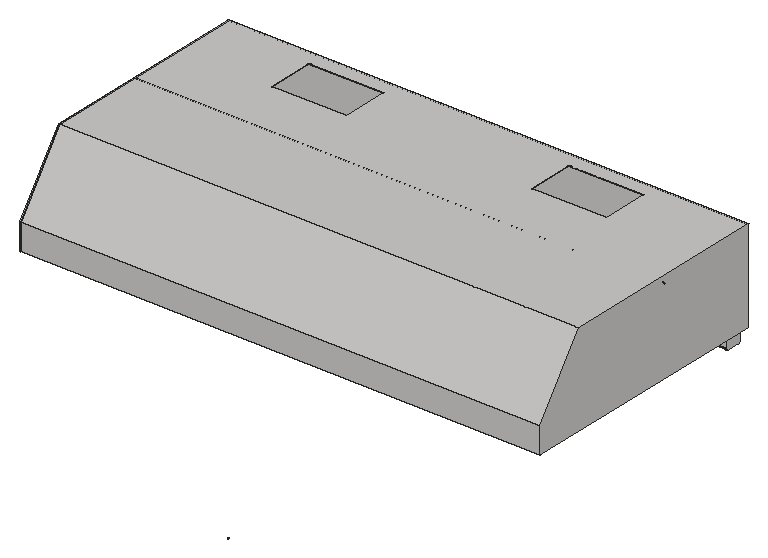
Revit family "QF_ELECTROLUXPROFESSIONAL_642161_BP1428BT", category Specialty Equipment, Revit 2014
Reference planes
  plane 1: z = 0
  plane 2 "Center (Left/Right)": x = 150
  plane 3 "LEFT": x = -1250
  plane 4 "RIGHT": x = 1550
  plane 5 "BACK": y = 550
  plane 6 "TOP": z = 2500
  plane 7 "Base": z = 2000
  plane 8: z = 1926
  plane 9 "DrainY": y = 485
  plane 10: x = -1247
  plane 11: through (0, 414.509, 2000.8) normal (0, 0.7314, 0.682)
  plane 12: y = 470
  plane 13: y = 220
  plane 14 "DrainX": x = 1432
  plane 15: x = -350
  plane 16: x = 650
  plane 17: x = -750
  plane 18: x = 1050
  plane 19: x = 1547
  plane 20: x = 1342
  plane 21: x = 1522
  plane 22: x = -1210
  plane 23: x = -410
  plane 24: x = -10
  plane 25: x = 1510
  plane 26: x = 710
  plane 27: x = 310
  plane 28: z = 2140
  plane 29: y = -590
  plane 30 "Center (Front/Back)": y = -150
  plane 31 "Front": y = -850
Forms (mm)
  Extrusion 1, solid, material "QF_Finishes_Stainless Steel"
    sketch origin (-1250, 0, 360) x (0, 1, 0) y (0, 0, 1)
      loop
        line (550, 1640) -> (550, 2140) -> (-590, 2140) -> (-850, 1780) -> (-850, 1640) -> (550, 1640)
    from 0 to 3
  Extrusion 2, solid, material "QF_Finishes_Stainless Steel"
    sketch origin (150, 0, 360) x (0, 1, 0) y (0, 0, 1)
      loop
        line (415.255, 1640) -> (550, 1640) -> (550, 2139.19) -> (549.2, 2139.19) -> (549.2, 1640.8) -> (415.876, 1640.8) -> (339.347, 1722.867) -> (349.609, 1732.436) -> (348.927, 1733.167) -> (337.934, 1722.917) -> (415.255, 1640)
      loop
        line (-82.203, 2139.19) -> (-82.203, 2118.6) -> (-31.047, 2118.6) -> (34.354, 2048.466) -> (46.028, 2059.352) -> (45.346, 2060.083) -> (34.403, 2049.879) -> (-30.612, 2119.6) -> (-81.203, 2119.6) -> (-81.203, 2139.19) -> (-82.203, 2139.19)
    from -1397 to 1397
  Extrusion 3, solid, material "QF_Finishes_Stainless Steel"
    sketch origin (1550, 0, 360) x (0, 1, 0) y (0, 0, 1)
      loop
        line (550, 1640) -> (550, 2140) -> (-590, 2140) -> (-850, 1780) -> (-850, 1640) -> (550, 1640)
    from 0 to -3
  Extrusion 4, solid, material "QF_Finishes_Stainless Steel"
    sketch origin (150, 0, 360) x (0, 1, 0) y (0, 0, 1)
      loop
        line (550, 2139.19) -> (550, 2140) -> (-590, 2140) -> (-850, 1780) -> (-850, 1640) -> (-849.2, 1640) -> (-849.2, 1779.741) -> (-589.598, 2139.19) -> (550, 2139.19)
    from -1400 to 1400
  Extrusion 5, solid, material "QF_Finishes_Stainless Steel"
    sketch origin (150, 0, 360) x (0, 1, 0) y (0, 0, 1)
      loop
        line (534, 1640) -> (436, 1640) -> (436, 1627) -> (443.5, 1627) -> (443.5, 1576)
        arc (443.5, 1576) -> (446.429, 1568.929) -> (453.5, 1566) r 10
        line (453.5, 1566) -> (516.5, 1566)
        arc (516.5, 1566) -> (523.571, 1568.929) -> (526.5, 1576) r 10
        line (526.5, 1576) -> (526.5, 1627) -> (534, 1627) -> (534, 1640)
    from 1192 to 1372
  Extrusion 6, solid, material "QF_Finishes_Stainless Steel"
    sketch origin (0, 0, 2000) x (0, 1, 0) y (-1, 0, 0)
      loop
        circle (485, -1432) r 20
    from -76 to -74
  Extrusion 7, solid, material "QF_Finished_Chrome"
    sketch origin (150, 0, 360) x (0, 1, 0) y (0, 0, 1)
      loop
        line (337.934, 1722.917) -> (341.591, 1726.327) -> (38.011, 2051.876) -> (34.354, 2048.466) -> (337.934, 1722.917)
    from -560 to -1360
  Extrusion 8, solid, material "QF_Finished_Chrome"
    sketch origin (150, 0, 360) x (0, 1, 0) y (0, 0, 1)
      loop
        line (337.934, 1722.917) -> (341.591, 1726.327) -> (38.011, 2051.876) -> (34.354, 2048.466) -> (337.934, 1722.917)
    from 160 to -160
  Extrusion 9, solid, material "QF_Finishes_Stainless Steel"
    sketch origin (150, 0, 360) x (0, 1, 0) y (0, 0, 1)
      loop
        line (337.934, 1722.917) -> (341.591, 1726.327) -> (38.011, 2051.876) -> (34.354, 2048.466) -> (337.934, 1722.917)
    from 1397 to 1360
  Extrusion 10, solid, material "QF_Finishes_Stainless Steel"
    sketch origin (150, 0, 360) x (0, 1, 0) y (0, 0, 1)
      loop
        line (341.588, 1726.324) -> (38.009, 2051.874) -> (34.354, 2048.466) -> (337.934, 1722.917) -> (341.588, 1726.324)
    from -560 to -160
  Extrusion 11, solid, material "QF_Finished_Chrome"
    sketch origin (150, 0, 360) x (0, 1, 0) y (0, 0, 1)
      loop
        line (341.588, 1726.324) -> (38.009, 2051.874) -> (34.354, 2048.466) -> (337.934, 1722.917) -> (341.588, 1726.324)
    from 560 to 1360
  Extrusion 12, void
    sketch origin (0, 0, 2500) x (0, 1, 0) y (-1, 0, 0)
      loop
        line (470, 750) -> (220, 750) -> (220, 350) -> (470, 350) -> (470, 750)
    from 0 to -10
  Extrusion 13, void
    sketch origin (940, 0, 2500) x (0, 1, 0) y (-1, 0, 0)
      loop
        line (470, 290) -> (220, 290) -> (220, -110) -> (470, -110) -> (470, 290)
    from 0 to -10
  Extrusion 14, solid, material "QF_Finishes_Stainless Steel"
    sketch origin (0, 0, 0) x (1, 0, 0) y (0, 1, 0)
      loop
        line (-1250, 550) -> (-1250, 549) -> (-1249, 549) -> (-1249, 550) -> (-1250, 550)
    from 0 to 1
  Extrusion 15, solid, material "QF_Finishes_Stainless Steel"
    sketch origin (150, 0, 360) x (0, 1, 0) y (0, 0, 1)
      loop
        line (337.934, 1722.917) -> (341.591, 1726.327) -> (38.011, 2051.876) -> (34.354, 2048.466) -> (337.934, 1722.917)
    from -1360 to -1397
  Extrusion 16, solid, material "QF_Finishes_Stainless Steel"
    sketch origin (150, 0, 360) x (0, 1, 0) y (0, 0, -1)
      loop
        line (341.588, -1726.324) -> (337.934, -1722.917) -> (34.354, -2048.466) -> (38.009, -2051.874) -> (341.588, -1726.324)
    from -560 to -160
Cuts and joins
  Extrusion 12, Extrusion 13 cuts Extrusion 4
  joined: Extrusion 2, Extrusion 4
Lines and regions (mm)
  symbolic lines, style "SpecialityEquipment", detail levels coarse
    curve 1: line (1550, 550, 2500) -> (-1250, 550, 2500)
    curve 2: line (-1250, 550, 2500) -> (-1250, -850, 2500)
    curve 3: line (1550, -850, 2500) -> (1550, 550, 2500)
    curve 4: line (-750, 220, 2500) -> (-350, 220, 2500)
    curve 5: line (-750, 470, 2500) -> (-750, 220, 2500)
    curve 6: line (-350, 470, 2500) -> (-750, 470, 2500)
    curve 7: line (-350, 220, 2500) -> (-350, 470, 2500)
    curve 8: line (650, 470, 2500) -> (650, 220, 2500)
    curve 9: line (650, 220, 2500) -> (1050, 220, 2500)
    curve 10: line (1050, 470, 2500) -> (650, 470, 2500)
    curve 11: line (1050, 220, 2500) -> (1050, 470, 2500)
    curve 12: line (-1250, -590, 0) -> (1550, -590, 0)
    curve 13: line (-1250, 550, 0) -> (1550, -590, 0)
    curve 14: line (1550, 550, 0) -> (-1250, -590, 0)
  symbolic lines, detail levels coarse
    curve 15: line (-1250, -850, 2500) -> (1550, -850, 2500)
Dimensions and locks
  plane 3 "LEFT" to plane 4 "RIGHT" = 2800 mm
  equal spacing: plane 3 "LEFT", plane 2 "Center (Left/Right)", plane 4 "RIGHT"
  locked: plane 6 "TOP" to plane 7 "Base" at 500
  plane 7 "Base" to plane 8 = 74 mm
  plane 5 "BACK" to plane 9 "DrainY" = 65 mm  (x2)
  plane 3 "LEFT" to plane 10 = 3 mm
  plane 5 "BACK" to plane 12 = 80 mm
  plane 12 to plane 13 = 250 mm  (x2)
  plane 14 "DrainX" to plane 4 "RIGHT" = 118 mm
  locked: plane 15 to plane 16 at 1000
  equal spacing: plane 15, plane 2 "Center (Left/Right)", plane 16
  plane 17 to plane 15 = 400 mm
  plane 16 to plane 18 = 400 mm
  plane 19 to plane 4 "RIGHT" = 3 mm
  locked: plane 20 to plane 14 "DrainX" at 90
  locked: plane 14 "DrainX" to plane 21 at 90
  plane 12 to plane 5 "BACK" = 80 mm
  locked: plane 3 "LEFT" to plane 22 at 40
  locked: plane 25 to plane 4 "RIGHT" at 40
  plane 28 to plane 7 "Base" = 140 mm
  locked: plane 7 "Base" to level at 2000
  plane 5 "BACK" to plane 31 "Front" = 1400 mm  (x2)
  equal spacing: plane 5 "BACK", plane 30 "Center (Front/Back)", plane 31 "Front"
  locked: plane 24 to plane 2 "Center (Left/Right)" at 160
  locked: plane 2 "Center (Left/Right)" to plane 27 at 160
  locked: plane 23 to plane 24 at 400
  locked: plane 27 to plane 26 at 400
  plane 22 to plane 23 = 800 mm
  plane 26 to plane 25 = 800 mm
  aligned and locked: level to plane 1
  aligned and locked: Extrusion 2 to Extrusion 1
  aligned and locked: Extrusion 2 to Extrusion 3
  aligned and locked: plane 4 "RIGHT" to Extrusion 4
  aligned and locked: Extrusion 4 to plane 3 "LEFT"
  aligned and locked: plane 19 to Extrusion 9
  aligned and locked: plane 17 to Extrusion 12
  aligned and locked: Extrusion 12 to plane 15
  aligned and locked: Extrusion 12 to plane 13
  aligned and locked: Extrusion 12 to plane 12
  aligned and locked: Extrusion 13 to plane 18
  aligned and locked: plane 16 to Extrusion 13
  aligned and locked: plane 21 to Extrusion 5
  aligned and locked: Extrusion 5 to plane 20
  aligned and locked: Extrusion 9 to plane 25
  aligned and locked: Extrusion 11 to plane 25
  aligned and locked: Extrusion 11 to plane 26
  aligned and locked: Extrusion 8 to plane 27
  aligned and locked: Extrusion 8 to plane 24
  aligned and locked: plane 24 to Extrusion 10
  aligned and locked: Extrusion 10 to plane 23
  aligned and locked: plane 23 to Extrusion 7
  aligned and locked: Extrusion 7 to plane 22
  aligned and locked: Extrusion 15 to plane 10
  aligned and locked: plane 22 to Extrusion 15
  aligned and locked: Extrusion 16 to plane 27
  aligned and locked: Extrusion 16 to plane 26
  aligned and locked: Extrusion 3 to plane 19
Automatic sketch dimensions
  Extrusion 2 sketch curve to plane 11 = 0 mm  (x3)
  Extrusion 2 sketch curve to plane 7 "Base" = 0 mm
  plane 11 to Extrusion 2 sketch curve = 0 mm
  Extrusion 2 sketch curve to plane 5 "BACK" = 0 mm
  Extrusion 2 sketch curve to Extrusion 2 sketch curve = 65.646 mm
  Extrusion 2 sketch curve to Extrusion 2 sketch curve = 0.682 mm  (x2)
  Extrusion 2 sketch curve to Extrusion 2 sketch curve = 10.261 mm
  plane 7 "Base" to Extrusion 2 sketch curve = 82.917 mm
  Extrusion 2 sketch curve to Extrusion 2 sketch curve = 10.942 mm
  Extrusion 2 sketch curve to Extrusion 2 sketch curve = 0.049 mm
  Extrusion 2 sketch curve to plane 6 "TOP" = 20.4 mm
  Extrusion 2 sketch curve to plane 6 "TOP" = 21.4 mm
  Extrusion 2 sketch curve to plane 6 "TOP" = 0.81 mm  (x2)
  Extrusion 2 sketch curve to Extrusion 2 sketch curve = 50.156 mm
  Extrusion 2 sketch curve to Extrusion 2 sketch curve = 1 mm
  plane 7 "Base" to Extrusion 2 sketch curve = 0.8 mm
  Extrusion 2 sketch curve to plane 5 "BACK" = 0.8 mm
  Extrusion 5 sketch curve to plane 7 "Base" = 0 mm
  Extrusion 5 sketch curve to plane 8 = 0 mm
  Extrusion 5 sketch curve to plane 7 "Base" = 13 mm  (x2)
  plane 12 to Extrusion 5 sketch curve = 34 mm
  Extrusion 5 sketch curve to Extrusion 5 sketch curve = 7.5 mm  (x2)
  Extrusion 5 sketch curve to Extrusion 5 sketch curve = 10 mm
  plane 9 "DrainY" to Extrusion 5 sketch curve = 31.5 mm
  Extrusion 5 sketch curve to plane 5 "BACK" = 23.5 mm
  Extrusion 6 sketch curve to plane 9 "DrainY" = 0 mm
  Extrusion 6 sketch curve to plane 14 "DrainX" = 0 mm
  Extrusion 7 sketch curve to plane 11 = 0 mm  (x2)
  Extrusion 7 sketch curve to Extrusion 7 sketch curve = 3.657 mm
  plane 7 "Base" to Extrusion 7 sketch curve = 82.917 mm
  Extrusion 8 sketch curve to plane 11 = 0 mm  (x2)
  Extrusion 8 sketch curve to Extrusion 8 sketch curve = 3.657 mm
  plane 7 "Base" to Extrusion 8 sketch curve = 82.917 mm
  Extrusion 9 sketch curve to plane 11 = 0 mm  (x2)
  Extrusion 9 sketch curve to Extrusion 9 sketch curve = 3.657 mm
  plane 7 "Base" to Extrusion 9 sketch curve = 82.917 mm
  Extrusion 10 sketch curve to plane 11 = 0 mm  (x2)
  Extrusion 10 sketch curve to Extrusion 10 sketch curve = 3.655 mm
  plane 7 "Base" to Extrusion 10 sketch curve = 82.917 mm
  Extrusion 11 sketch curve to plane 11 = 0 mm  (x2)
  Extrusion 11 sketch curve to Extrusion 11 sketch curve = 3.655 mm
  plane 7 "Base" to Extrusion 11 sketch curve = 82.917 mm
  Extrusion 12 sketch curve to plane 13 = 0 mm
  plane 12 to Extrusion 12 sketch curve = 0 mm
  Extrusion 12 sketch curve to plane 15 = 0 mm
  Extrusion 12 sketch curve to plane 17 = 0 mm
  Extrusion 13 sketch curve to plane 13 = 0 mm
  plane 12 to Extrusion 13 sketch curve = 0 mm
  Extrusion 13 sketch curve to plane 18 = 0 mm
  Extrusion 13 sketch curve to plane 16 = 0 mm
  Extrusion 14 sketch curve to plane 3 "LEFT" = 0 mm
  Extrusion 14 sketch curve to plane 5 "BACK" = 0 mm
  plane 3 "LEFT" to Extrusion 14 sketch curve = 1 mm
  Extrusion 14 sketch curve to plane 5 "BACK" = 1 mm
  Extrusion 15 sketch curve to plane 11 = 0 mm  (x2)
  Extrusion 15 sketch curve to Extrusion 15 sketch curve = 3.657 mm
  plane 7 "Base" to Extrusion 15 sketch curve = 82.917 mm
  Extrusion 16 sketch curve to plane 11 = 0 mm  (x2)
  Extrusion 16 sketch curve to Extrusion 16 sketch curve = 3.655 mm
  plane 7 "Base" to Extrusion 16 sketch curve = 82.917 mm
  Extrusion 4 sketch curve to plane 6 "TOP" = 0 mm
  Extrusion 4 sketch curve to plane 29 = 0 mm
  Extrusion 4 sketch curve to plane 5 "BACK" = 0 mm
  Extrusion 4 sketch curve to plane 7 "Base" = 0 mm
  Extrusion 4 sketch curve to plane 28 = 0 mm
  Extrusion 4 sketch curve to plane 28 = 0.259 mm
  Extrusion 4 sketch curve to Extrusion 4 sketch curve = 0.81 mm
  Extrusion 4 sketch curve to plane 29 = 0.402 mm
  Extrusion 1 sketch curve to plane 6 "TOP" = 0 mm
  Extrusion 1 sketch curve to plane 29 = 0 mm
  Extrusion 1 sketch curve to plane 5 "BACK" = 0 mm
  Extrusion 1 sketch curve to plane 7 "Base" = 0 mm
  Extrusion 1 sketch curve to plane 28 = 0 mm
  Extrusion 3 sketch curve to plane 6 "TOP" = 0 mm
  Extrusion 3 sketch curve to plane 29 = 0 mm
  Extrusion 3 sketch curve to plane 5 "BACK" = 0 mm
  Extrusion 3 sketch curve to plane 7 "Base" = 0 mm
  Extrusion 3 sketch curve to plane 28 = 0 mm
  curve 14 to plane 3 "LEFT" = 0 mm
  curve 13 to plane 3 "LEFT" = 0 mm
  curve 14 to plane 4 "RIGHT" = 0 mm
  curve 12 to plane 4 "RIGHT" = 0 mm
  plane 29 to curve 12 = 0 mm
  curve 14 to plane 5 "BACK" = 0 mm
  curve 13 to plane 5 "BACK" = 0 mm
  plane 29 to Extrusion 1 sketch curve = 260 mm
  plane 29 to Extrusion 3 sketch curve = 260 mm
  plane 29 to Extrusion 4 sketch curve = 259.2 mm
  Extrusion 4 sketch curve to Extrusion 4 sketch curve = 0.8 mm
  Extrusion 2 sketch curve to plane 6 "TOP" = 91.534 mm
  Extrusion 7 sketch curve to plane 6 "TOP" = 88.124 mm
  Extrusion 8 sketch curve to plane 6 "TOP" = 88.124 mm
  Extrusion 9 sketch curve to plane 6 "TOP" = 88.124 mm
  Extrusion 10 sketch curve to plane 6 "TOP" = 88.126 mm
  Extrusion 11 sketch curve to plane 6 "TOP" = 88.126 mm
  Extrusion 15 sketch curve to plane 6 "TOP" = 88.124 mm
  Extrusion 16 sketch curve to plane 6 "TOP" = 88.126 mm
  curve 15 to plane 3 "LEFT" = 0 mm
  curve 3 to plane 4 "RIGHT" = 0 mm
  curve 11 to plane 13 = 0 mm
  curve 4 to plane 13 = 0 mm
  plane 12 to curve 6 = 0 mm
  plane 12 to curve 8 = 0 mm
  curve 3 to plane 5 "BACK" = 0 mm
  curve 11 to plane 18 = 0 mm
  curve 10 to plane 16 = 0 mm
  curve 7 to plane 15 = 0 mm
  curve 6 to plane 17 = 0 mm
  curve 15 to plane 31 "Front" = 0 mm
  radius of Extrusion 6 sketch curve = 20 mm
Connectors
  piping at (1432, 485, 1924), diameter 20
    settings: on Extrusion 6, index 1, connector inside diameter 609.6 mm, connector length 0 mm, flow factor 0, pipe flow 0.0 L/s, pressure drop 0.0 Pa, fitting loss kfactor 0, connector angle 0.00°, fixture units 0, engagement length 0 mm, angle of deflection 0.00°, flow configuration 1, flow direction 2, fitting loss method 0, system type 16, joint type 0, gender type 0, connector reference index -1, connector utility 0, adjustable connector no, is connector primary yes, connector description "Drain"
  hvac at (-550, 345, 2500)
    settings: on Extrusion 12, index 2, duct flow 0.0 L/s, flow factor 0, pres drop 0.0 Pa, loss coef 0, conn angle 0.00°, conn width 250 mm, conn height 400 mm, conn diameter 609.6 mm, duct sys type 3, conn prof type 1, flow config 1, flow direction 0, loss method 0, conn ref index -1, conn util no, is conn primary yes, conn desc "EXHAUST OUTLET"
  hvac at (850, 345, 2500)
    settings: on Extrusion 13, index 3, duct flow 0.0 L/s, flow factor 0, pres drop 0.0 Pa, loss coef 0, conn angle 0.00°, conn width 250 mm, conn height 400 mm, conn diameter 609.6 mm, duct sys type 3, conn prof type 1, flow config 1, flow direction 0, loss method 0, conn ref index -1, conn util no, is conn primary no, conn desc "EXHAUST OUTLET"
